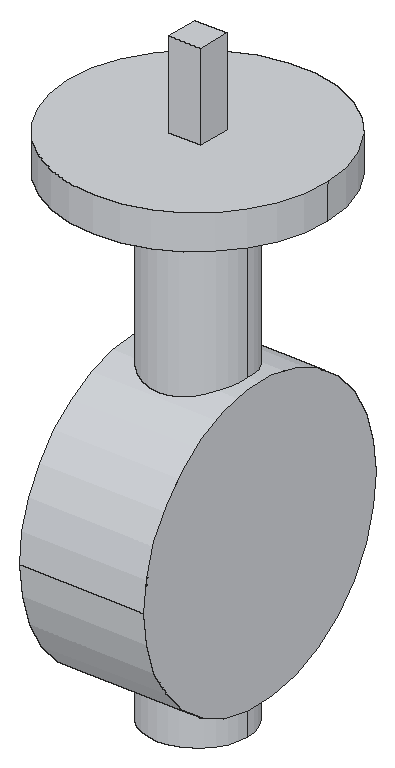
Revit family "HS497-67_disk-litina-volné vřeteno DN050-RFA_2019", category Pipe Accessories, Revit 2019
Family settings
  Round Connector Dimension = Use Diameter
  Part Type = Valve - Breaks Into
  Work Plane-Based = No
  Always vertical = Yes
  Cut with Voids When Loaded = No
  Shared = No
Parameters (values of type "HS 497-67_DN050_volné vřeteno")
  magiProductId = "d71f296ecd6d4adf8f6e5d9853b4e0"
  magiProductFamilyId = "53cea81e6f374d17b8841d9c72ad77"
  magiPartTypeId = 305
  isMeasuringValve [instance] = no
  ang2D [instance] = 0.00°
  X11 = 61.456 mm
  X1 = 25.456 mm
  W2D = 1000 mm
  VersionID = "2.0/2017.9.26.1/ZETKAMA_497_001"
  Use Minimum Symbol Size [instance] = yes
  URL = "http://www.hydronic.cz"
  Type Comments = "mezipřírubová; litinový disk; PN16; -10~+110°C (krátkodobě +120°C)"
  SW30 = no
  SW3 = no
  SW21 = no
  SW20 = no
  SW2 = no
  SW1 = yes
  R = 25 mm
  QmdConnectorList = "301;D;302;D"
  Productdata [instance] = ""
  NC = 50 mm
  Model = ""
  Manufacturer = "Hydronic Systems Prague s.r.o."
  MM20 = 25.456 mm
  MC Product Code = "123 050 (litinový disk, s volným vřetenem; DN50; PN16, kvs98)"
  M41 = 66 mm
  M4 = 44 mm
  LHL = 220 mm
  LHH3 = 2.45 mm
  LHH1 = 46.55 mm
  LH1 = 73.333 mm
  L4R__ve = -L4R  # -12.8 mm
  L4R = 12.8 mm
  L42__ve = -L42  # -96 mm
  L42 = 96 mm
  L41__ve = -L41  # -19.2 mm
  L41 = 19.2 mm
  L2D_Min = 3048 mm
  L2D = 216 mm
  L2 = 21.5 mm
  L1 = 34.4 mm
  L = 43 mm
  H = 30 mm
  G22 = 11.25 mm
  G2 = 22.5 mm
  G1 = 90 mm
  G = 90 mm
  F = 11 mm
  E44 = 31.25 mm
  E42 = 62.5 mm
  E4 = 125 mm
  E23 = 4.9 mm
  E22 = 19.6 mm
  E21 = 9.8 mm
  Description = "Mezipřírubová uzavírací klapka s volným vřetenem; litinový disk, DN50; PN16; kvs98"
  DR2 = 25 mm
  DR = 100 mm
  DD1 = 15.625 mm
  DD = 12.5 mm
  D = 50 mm
  CAT0 = yes
  B2__ve = -B2  # -36.5 mm
  B2 = 36.5 mm
  A2 = 12 mm
  A1 = 83 mm
Types (43, lengths in mm): name | magiProductId | X11 | X1 | Type Comments | SW30 | SW3 | SW20 | SW2 | SW1 | R | NC | MM20 | MC Product Code | M41 | M4 | LHL | LHH3 | LHH1 | LH1 | L4R__ve | L4R | L42__ve | L42 | L41__ve | L41 | L2 | L1 | L | H | G | F | E44 | E42 | E4 | E23 | E22 | E21 | Description | DR2 | DR | DD1 | DD | D | B2__ve | B2 | A2 | A1
  HS 497-67_DN100_PN16_volné vřeteno | "65d1b245f4f142c78569c0602d5754" | 61.456 | 25.456 | "mezipřírubová; litinový disk; PN16; -10~+110°C (krátkodobě +120°C)" | no | no | no | no | yes | 50 | 50 | 25.456 | "123 100 (litinový disk, s volným vřetenem; DN100; PN16, kvs512)" | 66 | 44 | 220 | 2.45 | 46.55 | 73.333 | -12.8 | 12.8 | -96 | 96 | -19.2 | 19.2 | 26 | 41.6 | 52 | 30 | 90 | 11 | 31.25 | 62.5 | 125 | 4.9 | 19.6 | 9.8 | "Mezipřírubová uzavírací klapka s volným vřetenem; litinový disk, DN100; PN16; kvs512" | 50 | 147 | 15.625 | 12.5 | 100 | -56 | 56 | 16.5 | 98.5
  HS 497-67_DN100_PN16_převodové kolo | "11e91b807e674d428c8e796fcdcfe2" | 61.456 | 25.456 | "mezipřírubová; litinový disk; PN16; -10~+110°C (krátkodobě +120°C)" | yes | yes | no | no | no | 50 | 50 | 25.456 | "125 100 (litinový disk, s převodovým kolem; DN100; PN16, kvs512)" | 65.25 | 43.5 | 220 | 2.45 | 46.55 | 73.333 | -12.8 | 12.8 | -96 | 96 | -19.2 | 19.2 | 26 | 41.6 | 52 | 30 | 90 | 11 | 31.25 | 62.5 | 125 | 4.9 | 19.6 | 9.8 | "Mezipřírubová uzavírací klapka s převodovým kolem; litinový disk, DN100; PN16; kvs512" | 50 | 147 | 15.625 | 12.5 | 100 | -56 | 56 | 16.5 | 98.5
  HS 497-67_DN100_PN16_s pákou | "28172f0b3f4b47b28323ac71cf8749" | 61.456 | 25.456 | "mezipřírubová; litinový disk; PN16; -10~+110°C (krátkodobě +120°C)" | no | no | yes | yes | no | 50 | 50 | 25.456 | "120 100 (litinový disk, s pákou; DN100; PN16, kvs512)" | 66 | 44 | 260 | 3 | 57 | 86.667 | -12.8 | 12.8 | -96 | 96 | -19.2 | 19.2 | 26 | 41.6 | 52 | 30 | 90 | 11 | 31.25 | 62.5 | 125 | 6 | 24 | 12 | "Mezipřírubová uzavírací klapka s pákou; litinový disk, DN100; PN16; kvs512" | 50 | 147 | 15.625 | 12.5 | 100 | -56 | 56 | 16.5 | 98.5
  HS 497-67_DN125_PN16_volné vřeteno | "0d813d910fc14f628bb3c2efbd185c" | 61.456 | 25.456 | "mezipřírubová; litinový disk; PN16; -10~+110°C (krátkodobě +120°C)" | no | no | no | no | yes | 62.5 | 50 | 25.456 | "123 125 (litinový disk, s volným vřetenem; DN125; PN16, kvs872)" | 66 | 44 | 220 | 2.45 | 46.55 | 73.333 | -12.8 | 12.8 | -96 | 96 | -19.2 | 19.2 | 28 | 44.8 | 56 | 33 | 90 | 14 | 31.25 | 62.5 | 125 | 4.9 | 19.6 | 9.8 | "Mezipřírubová uzavírací klapka s volným vřetenem; litinový disk, DN125; PN16; kvs872" | 62.5 | 180 | 15.625 | 12.5 | 125 | -64 | 64 | 18 | 99.5
  HS 497-67_DN125_PN16_převodové kolo | "c56b7c13f372467684996fb1e0e229" | 61.456 | 25.456 | "mezipřírubová; litinový disk; PN16; -10~+110°C (krátkodobě +120°C)" | yes | yes | no | no | no | 62.5 | 50 | 25.456 | "125 125 (litinový disk, s převodovým kolem; DN125; PN16, kvs872)" | 65.25 | 43.5 | 220 | 2.45 | 46.55 | 73.333 | -13.5 | 13.5 | -101.25 | 101.25 | -20.25 | 20.25 | 28 | 44.8 | 56 | 33 | 90 | 14 | 40 | 80 | 160 | 4.9 | 19.6 | 9.8 | "Mezipřírubová uzavírací klapka s převodovým kolem; litinový disk, DN125; PN16; kvs872" | 62.5 | 180 | 20 | 16 | 125 | -64 | 64 | 18 | 99.5
  HS 497-67_DN125_PN16_s pákou | "105993c79a91492399feef7931321a" | 61.456 | 25.456 | "mezipřírubová; litinový disk; PN16; -10~+110°C (krátkodobě +120°C)" | no | no | yes | yes | no | 62.5 | 50 | 25.456 | "120 125 (litinový disk, s pákou; DN125; PN16, kvs872)" | 66 | 44 | 315 | 3.75 | 71.25 | 105 | -12.8 | 12.8 | -96 | 96 | -19.2 | 19.2 | 28 | 44.8 | 56 | 33 | 90 | 14 | 31.25 | 62.5 | 125 | 7.5 | 30 | 15 | "Mezipřírubová uzavírací klapka s pákou; litinový disk, DN125; PN16; kvs872" | 62.5 | 180 | 15.625 | 12.5 | 125 | -64 | 64 | 18 | 99.5
  HS 497-67_DN150_PN16_volné vřeteno | "50c80cb8ab434f55ab7796e5ac1331" | 61.456 | 25.456 | "mezipřírubová; litinový disk; PN16; -10~+110°C (krátkodobě +120°C)" | no | no | no | no | yes | 75 | 50 | 25.456 | "123 150 (litinový disk, s volným vřetenem; DN150; PN16, kvs1347)" | 66 | 44 | 220 | 2.45 | 46.55 | 73.333 | -12.8 | 12.8 | -96 | 96 | -19.2 | 19.2 | 28 | 44.8 | 56 | 33 | 90 | 14 | 31.25 | 62.5 | 125 | 4.9 | 19.6 | 9.8 | "Mezipřírubová uzavírací klapka s volným vřetenem; litinový disk, DN150; PN16; kvs1347" | 75 | 206 | 15.625 | 12.5 | 150 | -58 | 58 | 19.3 | 98.7
  HS 497-67_DN150_PN16_převodové kolo | "d94a1a0cf83b476eb10011b327f709" | 61.456 | 25.456 | "mezipřírubová; litinový disk; PN16; -10~+110°C (krátkodobě +120°C)" | yes | yes | no | no | no | 75 | 50 | 25.456 | "125 150 (litinový disk, s převodovým kolem; DN150; PN16, kvs1347)" | 65.25 | 43.5 | 220 | 2.45 | 46.55 | 73.333 | -13.5 | 13.5 | -101.25 | 101.25 | -20.25 | 20.25 | 28 | 44.8 | 56 | 33 | 90 | 14 | 40 | 80 | 160 | 4.9 | 19.6 | 9.8 | "Mezipřírubová uzavírací klapka s převodovým kolem; litinový disk, DN150; PN16; kvs1347" | 75 | 206 | 20 | 16 | 150 | -58 | 58 | 19.3 | 98.7
  HS 497-67_DN150_PN16_s pákou | "4d2835523fe84828bc50ff0a5a0dfb" | 61.456 | 25.456 | "mezipřírubová; litinový disk; PN16; -10~+110°C (krátkodobě +120°C)" | no | no | yes | yes | no | 75 | 50 | 25.456 | "120 150 (litinový disk, s pákou; DN150; PN16, kvs1347)" | 66 | 44 | 315 | 3.75 | 71.25 | 105 | -12.8 | 12.8 | -96 | 96 | -19.2 | 19.2 | 28 | 44.8 | 56 | 33 | 90 | 14 | 31.25 | 62.5 | 125 | 7.5 | 30 | 15 | "Mezipřírubová uzavírací klapka s pákou; litinový disk, DN150; PN16; kvs1347" | 75 | 206 | 15.625 | 12.5 | 150 | -58 | 58 | 19.3 | 98.7
  HS 497-67_DN200_PN16_volné vřeteno | "5b29029eaeba47139ee1055a4b9201" | 61.456 | 25.456 | "mezipřírubová; litinový disk; PN16; -10~+110°C (krátkodobě +120°C)" | no | no | no | no | yes | 100 | 50 | 25.456 | "123 200 (litinový disk, s volným vřetenem; DN200; PN16, kvs2675)" | 66 | 44 | 220 | 2.45 | 46.55 | 73.333 | -12.8 | 12.8 | -96 | 96 | -19.2 | 19.2 | 30 | 48 | 60 | 33 | 90 | 17 | 31.25 | 62.5 | 125 | 4.9 | 19.6 | 9.8 | "Mezipřírubová uzavírací klapka s volným vřetenem; litinový disk, DN200; PN16; kvs2675" | 100 | 257 | 15.625 | 12.5 | 200 | -70 | 70 | 22.5 | 102.5
  HS 497-67_DN200_PN16_převodové kolo | "b2793cc1fcc44cf2a35062cd67c04f" | 61.456 | 25.456 | "mezipřírubová; litinový disk; PN16; -10~+110°C (krátkodobě +120°C)" | yes | yes | no | no | no | 100 | 57 | 25.456 | "125 200 (litinový disk, s převodovým kolem; DN200; PN16, kvs2675)" | 78.75 | 52.5 | 220 | 2.45 | 46.55 | 73.333 | -15.2 | 15.2 | -114 | 114 | -22.8 | 22.8 | 30 | 48 | 60 | 33 | 90 | 17 | 50 | 100 | 200 | 4.9 | 19.6 | 9.8 | "Mezipřírubová uzavírací klapka s převodovým kolem; litinový disk, DN200; PN16; kvs2675" | 100 | 257 | 25 | 20 | 200 | -70 | 70 | 22.5 | 102.5
  HS 497-67_DN200_PN16_s pákou | "f88d96c7af224537a51e72d7d8fffe" | 61.456 | 25.456 | "mezipřírubová; litinový disk; PN16; -10~+110°C (krátkodobě +120°C)" | no | no | yes | yes | no | 100 | 50 | 25.456 | "120 200 (litinový disk, s pákou; DN200; PN16, kvs2675)" | 66 | 44 | 315 | 3.75 | 71.25 | 105 | -12.8 | 12.8 | -96 | 96 | -19.2 | 19.2 | 30 | 48 | 60 | 33 | 90 | 17 | 31.25 | 62.5 | 125 | 7.5 | 30 | 15 | "Mezipřírubová uzavírací klapka s pákou; litinový disk, DN200; PN16; kvs2675" | 100 | 257 | 15.625 | 12.5 | 200 | -70 | 70 | 22.5 | 102.5
  HS 497-67_DN250_PN16_volné vřeteno | "b662e8305ca2402b9c510e66e6aa55" | 88.77 | 36.77 | "mezipřírubová; litinový disk; PN16; -10~+110°C (krátkodobě +120°C)" | no | no | no | no | yes | 125 | 50 | 36.77 | "123 250 (litinový disk, s volným vřetenem; DN250; PN16, kvs4555)" | 66 | 44 | 220 | 2.45 | 46.55 | 73.333 | -12.8 | 12.8 | -96 | 96 | -19.2 | 19.2 | 34 | 54.4 | 68 | 23 | 130 | 22 | 31.25 | 62.5 | 125 | 4.9 | 19.6 | 9.8 | "Mezipřírubová uzavírací klapka s volným vřetenem; litinový disk, DN250; PN16; kvs4555" | 125 | 324 | 15.625 | 12.5 | 250 | -85 | 85 | 28.25 | 129.25
  HS 497-67_DN250_PN16_převodové kolo | "5ee9016806664ddfaa2632711f295c" | 88.77 | 36.77 | "mezipřírubová; litinový disk; PN16; -10~+110°C (krátkodobě +120°C)" | yes | yes | no | no | no | 125 | 70 | 36.77 | "125 250 (litinový disk, s převodovým kolem; DN250; PN16, kvs4555)" | 91.5 | 61 | 220 | 2.45 | 46.55 | 73.333 | -22.2 | 22.2 | -166.5 | 166.5 | -33.3 | 33.3 | 34 | 54.4 | 68 | 23 | 130 | 22 | 62.5 | 125 | 250 | 4.9 | 19.6 | 9.8 | "Mezipřírubová uzavírací klapka s převodovým kolem; litinový disk, DN250; PN16; kvs4555" | 125 | 324 | 31.25 | 25 | 250 | -85 | 85 | 28.25 | 129.25
  HS 497-67_DN300_PN16_volné vřeteno | "e1886f51ff004380a649519258edf2" | 88.77 | 36.77 | "mezipřírubová; litinový disk; PN16; -10~+110°C (krátkodobě +120°C)" | no | no | no | no | yes | 150 | 50 | 36.77 | "123 300 (litinový disk, s volným vřetenem; DN300; PN16, kvs7037)" | 66 | 44 | 220 | 2.45 | 46.55 | 73.333 | -12.8 | 12.8 | -96 | 96 | -19.2 | 19.2 | 39 | 62.4 | 78 | 23 | 130 | 22 | 31.25 | 62.5 | 125 | 4.9 | 19.6 | 9.8 | "Mezipřírubová uzavírací klapka s volným vřetenem; litinový disk, DN300; PN16; kvs7037" | 150 | 376 | 15.625 | 12.5 | 300 | -90 | 90 | 30.8 | 127.2
  HS 497-67_DN300_PN16_převodové kolo | "6860f094f77d42088fbebc3c97f755" | 88.77 | 36.77 | "mezipřírubová; litinový disk; PN16; -10~+110°C (krátkodobě +120°C)" | yes | yes | no | no | no | 150 | 70 | 36.77 | "125 300 (litinový disk, s převodovým kolem; DN300; PN16, kvs7037)" | 91.5 | 61 | 220 | 2.45 | 46.55 | 73.333 | -22.2 | 22.2 | -166.5 | 166.5 | -33.3 | 33.3 | 39 | 62.4 | 78 | 23 | 130 | 22 | 62.5 | 125 | 250 | 4.9 | 19.6 | 9.8 | "Mezipřírubová uzavírací klapka s převodovým kolem; litinový disk, DN300; PN16; kvs7037" | 150 | 376 | 31.25 | 25 | 300 | -90 | 90 | 30.8 | 127.2
  HS 497-67_DN032_PN16_volné vřeteno | "8c5f65de52aa4067a77564107e31b2" | 61.456 | 25.456 | "mezipřírubová; litinový disk; PN16; -10~+110°C (krátkodobě +120°C)" | no | no | no | no | yes | 16 | 50 | 25.456 | "123 032 (litinový disk, s volným vřetenem; DN32; PN16, kvs78)" | 66 | 44 | 220 | 2.45 | 46.55 | 73.333 | -12.8 | 12.8 | -96 | 96 | -19.2 | 19.2 | 16.5 | 26.4 | 33 | 30 | 90 | 11 | 31.25 | 62.5 | 125 | 4.9 | 19.6 | 9.8 | "Mezipřírubová uzavírací klapka s volným vřetenem; litinový disk, DN32; PN16; kvs78" | 16 | 68 | 15.625 | 12.5 | 32 | -44.2 | 44.2 | 10.25 | 76.25
  HS 497-67_DN032_PN16_převodové kolo | "60aaeffa8b3a4e809ef000e4660060" | 61.456 | 25.456 | "mezipřírubová; litinový disk; PN16; -10~+110°C (krátkodobě +120°C)" | yes | yes | no | no | no | 16 | 50 | 25.456 | "125 032 (litinový disk, s převodovým kolem; DN32; PN16, kvs78)" | 65.25 | 43.5 | 220 | 2.45 | 46.55 | 73.333 | -12.8 | 12.8 | -96 | 96 | -19.2 | 19.2 | 16.5 | 26.4 | 33 | 30 | 90 | 11 | 31.25 | 62.5 | 125 | 4.9 | 19.6 | 9.8 | "Mezipřírubová uzavírací klapka s převodovým kolem; litinový disk, DN32; PN16; kvs78" | 16 | 68 | 15.625 | 12.5 | 32 | -44.2 | 44.2 | 10.25 | 76.25
  HS 497-67_DN032_PN16_s pákou | "9ad8088d610749a1b871aa2aad8007" | 61.456 | 25.456 | "mezipřírubová; litinový disk; PN16; -10~+110°C (krátkodobě +120°C)" | no | no | yes | yes | no | 16 | 50 | 25.456 | "120 032 (litinový disk, s pákou; DN32; PN16, kvs78)" | 66 | 44 | 220 | 2.45 | 46.55 | 73.333 | -12.8 | 12.8 | -96 | 96 | -19.2 | 19.2 | 16.5 | 26.4 | 33 | 30 | 90 | 11 | 31.25 | 62.5 | 125 | 4.9 | 19.6 | 9.8 | "Mezipřírubová uzavírací klapka s pákou; litinový disk, DN32; PN16; kvs78" | 16 | 68 | 15.625 | 12.5 | 32 | -44.2 | 44.2 | 10.25 | 76.25
  HS 497-67_DN350_PN10_volné vřeteno | "72a1e05f22944421b7e9596a877137" | 109.255 | 45.255 | "mezipřírubová; litinový disk; PN10; -10~+110°C (krátkodobě +120°C)" | no | no | no | no | yes | 175 | 50 | 45.255 | "123 350 (litinový disk, s volným vřetenem; DN350; PN10, kvs10165)" | 66 | 44 | 220 | 2.45 | 46.55 | 73.333 | -12.8 | 12.8 | -96 | 96 | -19.2 | 19.2 | 39 | 62.4 | 78 | 31 | 160 | 22 | 31.25 | 62.5 | 125 | 4.9 | 19.6 | 9.8 | "Mezipřírubová uzavírací klapka s volným vřetenem; litinový disk, DN350; PN10; kvs10165" | 175 | 430 | 15.625 | 12.5 | 350 | -88 | 88 | 33.85 | 129.65
  HS 497-67_DN350_PN10_převodové kolo | "a5a01426cb28494ba3afca92f1dace" | 109.255 | 45.255 | "mezipřírubová; litinový disk; PN10; -10~+110°C (krátkodobě +120°C)" | yes | yes | no | no | no | 175 | 70 | 45.255 | "125 350 (litinový disk, s převodovým kolem; DN350; PN10, kvs10165)" | 91.5 | 61 | 220 | 2.45 | 46.55 | 73.333 | -22.2 | 22.2 | -166.5 | 166.5 | -33.3 | 33.3 | 39 | 62.4 | 78 | 31 | 160 | 22 | 62.5 | 125 | 250 | 4.9 | 19.6 | 9.8 | "Mezipřírubová uzavírací klapka s převodovým kolem; litinový disk, DN350; PN10; kvs10165" | 175 | 430 | 31.25 | 25 | 350 | -88 | 88 | 33.85 | 129.65
  HS 497-67_DN400_PN10_volné vřeteno | "c70ebeb927c04ab99b176e257ad0a7" | 109.255 | 45.255 | "mezipřírubová; litinový disk; PN10; -10~+110°C (krátkodobě +120°C)" | no | no | no | no | yes | 200 | 50 | 45.255 | "123 400 (litinový disk, s volným vřetenem; DN400; PN10, kvs13799)" | 66 | 44 | 220 | 2.45 | 46.55 | 73.333 | -12.8 | 12.8 | -96 | 96 | -19.2 | 19.2 | 51 | 81.6 | 102 | 31 | 160 | 27 | 31.25 | 62.5 | 125 | 4.9 | 19.6 | 9.8 | "Mezipřírubová uzavírací klapka s volným vřetenem; litinový disk, DN400; PN10; kvs13799" | 200 | 485 | 15.625 | 12.5 | 400 | -108 | 108 | 38 | 142
  HS 497-67_DN400_PN10_převodové kolo | "cc64a4384dcb41b780d81810f4f293" | 109.255 | 45.255 | "mezipřírubová; litinový disk; PN10; -10~+110°C (krátkodobě +120°C)" | yes | yes | no | no | no | 200 | 72.5 | 45.255 | "125 400 (litinový disk, s převodovým kolem; DN400; PN10, kvs13799)" | 103.5 | 69 | 220 | 2.45 | 46.55 | 73.333 | -27.8 | 27.8 | -208.5 | 208.5 | -41.7 | 41.7 | 51 | 81.6 | 102 | 31 | 160 | 27 | 75 | 150 | 300 | 4.9 | 19.6 | 9.8 | "Mezipřírubová uzavírací klapka s převodovým kolem; litinový disk, DN400; PN10; kvs13799" | 200 | 485 | 37.5 | 30 | 400 | -108 | 108 | 38 | 142
  HS 497-67_DN040_PN16_volné vřeteno | "35f92312390745e88df5b5c325d9ee" | 61.456 | 25.456 | "mezipřírubová; litinový disk; PN16; -10~+110°C (krátkodobě +120°C)" | no | no | no | no | yes | 20 | 50 | 25.456 | "123 040 (litinový disk, s volným vřetenem; DN40; PN16, kvs78)" | 66 | 44 | 220 | 2.45 | 46.55 | 73.333 | -12.8 | 12.8 | -96 | 96 | -19.2 | 19.2 | 16.5 | 26.4 | 33 | 30 | 90 | 11 | 31.25 | 62.5 | 125 | 4.9 | 19.6 | 9.8 | "Mezipřírubová uzavírací klapka s volným vřetenem; litinový disk, DN40; PN16; kvs78" | 20 | 76 | 15.625 | 12.5 | 40 | -36 | 36 | 11 | 79
  HS 497-67_DN040_PN16_převodové kolo | "d88e968eae3445bc9b7b4e6ff35127" | 61.456 | 25.456 | "mezipřírubová; litinový disk; PN16; -10~+110°C (krátkodobě +120°C)" | yes | yes | no | no | no | 20 | 50 | 25.456 | "125 040 (litinový disk, s převodovým kolem; DN40; PN16, kvs78)" | 65.25 | 43.5 | 220 | 2.45 | 46.55 | 73.333 | -12.8 | 12.8 | -96 | 96 | -19.2 | 19.2 | 16.5 | 26.4 | 33 | 30 | 90 | 11 | 31.25 | 62.5 | 125 | 4.9 | 19.6 | 9.8 | "Mezipřírubová uzavírací klapka s převodovým kolem; litinový disk, DN40; PN16; kvs78" | 20 | 76 | 15.625 | 12.5 | 40 | -36 | 36 | 11 | 79
  HS 497-67_DN040_PN16_s pákou | "c1b522ca65b4407a98818f232eaacb" | 61.456 | 25.456 | "mezipřírubová; litinový disk; PN16; -10~+110°C (krátkodobě +120°C)" | no | no | yes | yes | no | 20 | 50 | 25.456 | "120 040 (litinový disk, s pákou; DN40; PN16, kvs78)" | 66 | 44 | 220 | 2.45 | 46.55 | 73.333 | -12.8 | 12.8 | -96 | 96 | -19.2 | 19.2 | 16.5 | 26.4 | 33 | 30 | 90 | 11 | 31.25 | 62.5 | 125 | 4.9 | 19.6 | 9.8 | "Mezipřírubová uzavírací klapka s pákou; litinový disk, DN40; PN16; kvs78" | 20 | 76 | 15.625 | 12.5 | 40 | -36 | 36 | 11 | 79
  HS 497-67_DN450_PN10_volné vřeteno | "a8358bc282f14872b3194e530e590a" | 129.74 | 53.74 | "mezipřírubová; litinový disk; PN10; -10~+110°C (krátkodobě +120°C)" | no | no | no | no | yes | 225 | 50 | 53.74 | "123 450 (litinový disk, s volným vřetenem; DN450; PN10, kvs18514)" | 66 | 44 | 220 | 2.45 | 46.55 | 73.333 | -12.8 | 12.8 | -96 | 96 | -19.2 | 19.2 | 57 | 91.2 | 114 | 38 | 190 | 36 | 31.25 | 62.5 | 125 | 4.9 | 19.6 | 9.8 | "Mezipřírubová uzavírací klapka s volným vřetenem; litinový disk, DN450; PN10; kvs18514" | 225 | 536 | 15.625 | 12.5 | 450 | -115 | 115 | 38.05 | 117.45
  HS 497-67_DN450_PN10_převodové kolo | "cdf2d80f54a9414f9cbe50647c0ebd" | 129.74 | 53.74 | "mezipřírubová; litinový disk; PN10; -10~+110°C (krátkodobě +120°C)" | yes | yes | no | no | no | 225 | 91.5 | 53.74 | "125 450 (litinový disk, s převodovým kolem; DN450; PN10, kvs18514)" | 144.75 | 96.5 | 220 | 2.45 | 46.55 | 73.333 | -32.1 | 32.1 | -240.75 | 240.75 | -48.15 | 48.15 | 57 | 91.2 | 114 | 38 | 190 | 36 | 100 | 200 | 400 | 4.9 | 19.6 | 9.8 | "Mezipřírubová uzavírací klapka s převodovým kolem; litinový disk, DN450; PN10; kvs18514" | 225 | 536 | 50 | 40 | 450 | -115 | 115 | 38.05 | 117.45
  HS 497-67_DN500_PN10_volné vřeteno | "8c396e27bb2743f98f3c762b6517cd" | 143.397 | 59.397 | "mezipřírubová; litinový disk; PN10; -10~+110°C (krátkodobě +120°C)" | no | no | no | no | yes | 250 | 50 | 59.397 | "123 500 (litinový disk, s volným vřetenem; DN500; PN10, kvs23805)" | 66 | 44 | 220 | 2.45 | 46.55 | 73.333 | -12.8 | 12.8 | -96 | 96 | -19.2 | 19.2 | 63.5 | 101.6 | 127 | 38 | 210 | 36 | 31.25 | 62.5 | 125 | 4.9 | 19.6 | 9.8 | "Mezipřírubová uzavírací klapka s volným vřetenem; litinový disk, DN500; PN10; kvs23805" | 250 | 593 | 15.625 | 12.5 | 500 | -130 | 130 | 43.25 | 139.25
  HS 497-67_DN500_PN10_převodové kolo | "7647804f32e94cef828a7034a91a46" | 143.397 | 59.397 | "mezipřírubová; litinový disk; PN10; -10~+110°C (krátkodobě +120°C)" | yes | yes | no | no | no | 250 | 91.5 | 59.397 | "125 500 (litinový disk, s převodovým kolem; DN500; PN10, kvs23805)" | 144.75 | 96.5 | 220 | 2.45 | 46.55 | 73.333 | -32.1 | 32.1 | -240.75 | 240.75 | -48.15 | 48.15 | 63.5 | 101.6 | 127 | 38 | 210 | 36 | 100 | 200 | 400 | 4.9 | 19.6 | 9.8 | "Mezipřírubová uzavírací klapka s převodovým kolem; litinový disk, DN500; PN10; kvs23805" | 250 | 593 | 50 | 40 | 500 | -130 | 130 | 43.25 | 139.25
  HS 497-67_DN050_volné vřeteno | "d71f296ecd6d4adf8f6e5d9853b4e0" | 61.456 | 25.456 | "mezipřírubová; litinový disk; PN16; -10~+110°C (krátkodobě +120°C)" | no | no | no | no | yes | 25 | 50 | 25.456 | "123 050 (litinový disk, s volným vřetenem; DN50; PN16, kvs98)" | 66 | 44 | 220 | 2.45 | 46.55 | 73.333 | -12.8 | 12.8 | -96 | 96 | -19.2 | 19.2 | 21.5 | 34.4 | 43 | 30 | 90 | 11 | 31.25 | 62.5 | 125 | 4.9 | 19.6 | 9.8 | "Mezipřírubová uzavírací klapka s volným vřetenem; litinový disk, DN50; PN16; kvs98" | 25 | 100 | 15.625 | 12.5 | 50 | -36.5 | 36.5 | 12 | 83
  HS 497-67_DN050_PN16_převodové kolo | "2fb080deeaed49c58418b94c1da5a4" | 61.456 | 25.456 | "mezipřírubová; litinový disk; PN16; -10~+110°C (krátkodobě +120°C)" | yes | yes | no | no | no | 25 | 50 | 25.456 | "125 050 (litinový disk, s převodovým kolem; DN50; PN16, kvs98)" | 65.25 | 43.5 | 220 | 2.45 | 46.55 | 73.333 | -12.8 | 12.8 | -96 | 96 | -19.2 | 19.2 | 21.5 | 34.4 | 43 | 30 | 90 | 11 | 31.25 | 62.5 | 125 | 4.9 | 19.6 | 9.8 | "Mezipřírubová uzavírací klapka s převodovým kolem; litinový disk, DN50; PN16; kvs98" | 25 | 100 | 15.625 | 12.5 | 50 | -36.5 | 36.5 | 12 | 83
  HS 497-67_DN050_PN16_s pákou | "dabc632061f94877a994b9b4e68112" | 61.456 | 25.456 | "mezipřírubová; litinový disk; PN16; -10~+110°C (krátkodobě +120°C)" | no | no | yes | yes | no | 25 | 50 | 25.456 | "120 050 (litinový disk, s pákou; DN50; PN16, kvs98)" | 66 | 44 | 220 | 2.45 | 46.55 | 73.333 | -12.8 | 12.8 | -96 | 96 | -19.2 | 19.2 | 21.5 | 34.4 | 43 | 30 | 90 | 11 | 31.25 | 62.5 | 125 | 4.9 | 19.6 | 9.8 | "Mezipřírubová uzavírací klapka s pákou; litinový disk, DN50; PN16; kvs98" | 25 | 100 | 15.625 | 12.5 | 50 | -36.5 | 36.5 | 12 | 83
  HS 497-67_DN600_PN10_volné vřeteno | "99d5892c14664fce81a7c5903f7711" | 143.397 | 59.397 | "mezipřírubová; litinový disk; PN10; -10~+110°C (krátkodobě +120°C)" | no | no | no | no | yes | 300 | 50 | 59.397 | "123 600 (litinový disk, s volným vřetenem; DN600; PN10, kvs36778)" | 66 | 44 | 220 | 2.45 | 46.55 | 73.333 | -12.8 | 12.8 | -96 | 96 | -19.2 | 19.2 | 77 | 123.2 | 154 | 80 | 210 | 60 | 31.25 | 62.5 | 125 | 4.9 | 19.6 | 9.8 | "Mezipřírubová uzavírací klapka s volným vřetenem; litinový disk, DN600; PN10; kvs36788" | 300 | 690 | 15.625 | 12.5 | 600 | -140 | 140 | 49.4 | 144.6
  HS 497-67_DN600_PN10_převodové kolo | "b1e26faab48a4c499f6bb11e7e3002" | 143.397 | 59.397 | "mezipřírubová; litinový disk; PN10; -10~+110°C (krátkodobě +120°C)" | yes | yes | no | no | no | 300 | 140 | 59.397 | "125 600 (litinový disk, s převodovým kolem; DN600; PN10, kvs36778)" | 206.25 | 137.5 | 220 | 2.45 | 46.55 | 73.333 | -40.8 | 40.8 | -306 | 306 | -61.2 | 61.2 | 77 | 123.2 | 154 | 80 | 210 | 60 | 125 | 250 | 500 | 4.9 | 19.6 | 9.8 | "Mezipřírubová uzavírací klapka s převodovým kolem; litinový disk, DN600; PN10; kvs36788" | 300 | 690 | 62.5 | 50 | 600 | -140 | 140 | 49.4 | 144.6
  HS 497-67_DN065_PN16_volné vřeteno | "5e5e208646e34ec29f889baab5d08e" | 61.456 | 25.456 | "mezipřírubová; litinový disk; PN16; -10~+110°C (krátkodobě +120°C)" | no | no | no | no | yes | 32.5 | 50 | 25.456 | "123 065 (litinový disk, s volným vřetenem; DN65; PN16, kvs167)" | 66 | 44 | 220 | 2.45 | 46.55 | 73.333 | -12.8 | 12.8 | -96 | 96 | -19.2 | 19.2 | 23 | 36.8 | 46 | 30 | 90 | 11 | 31.25 | 62.5 | 125 | 4.9 | 19.6 | 9.8 | "Mezipřírubová uzavírací klapka s volným vřetenem; litinový disk, DN65; PN16; kv167" | 32.5 | 108 | 15.625 | 12.5 | 65 | -36.5 | 36.5 | 13.5 | 89
  HS 497-67_DN065_PN16_převodové kolo | "654d74c8d15540b0bfe523d988ccb3" | 61.456 | 25.456 | "mezipřírubová; litinový disk; PN16; -10~+110°C (krátkodobě +120°C)" | yes | yes | no | no | no | 32.5 | 50 | 25.456 | "125 065 (litinový disk, s převodovým kolem; DN65; PN16, kvs167)" | 65.25 | 43.5 | 220 | 2.45 | 46.55 | 73.333 | -12.8 | 12.8 | -96 | 96 | -19.2 | 19.2 | 23 | 36.8 | 46 | 30 | 90 | 11 | 31.25 | 62.5 | 125 | 4.9 | 19.6 | 9.8 | "Mezipřírubová uzavírací klapka s převodovým kolem; litinový disk, DN65; PN16; kvs167" | 32.5 | 108 | 15.625 | 12.5 | 65 | -36.5 | 36.5 | 13.5 | 89
  HS 497-67_DN065_PN16_s pákou | "ebeb4b59db0641caaf6d6635ab37b9" | 61.456 | 25.456 | "mezipřírubová; litinový disk; PN16; -10~+110°C (krátkodobě +120°C)" | no | no | yes | yes | no | 32.5 | 50 | 25.456 | "120 065 (litinový disk, s pákou; DN65; PN16, kvs167)" | 66 | 44 | 220 | 2.45 | 46.55 | 73.333 | -12.8 | 12.8 | -96 | 96 | -19.2 | 19.2 | 23 | 36.8 | 46 | 30 | 90 | 11 | 31.25 | 62.5 | 125 | 4.9 | 19.6 | 9.8 | "Mezipřírubová uzavírací klapka s pákou; litinový disk, DN65; PN16; kvs167" | 32.5 | 108 | 15.625 | 12.5 | 65 | -36.5 | 36.5 | 13.5 | 89
  HS 497-67_DN080_PN16_volné vřeteno | "9e85c75c18654e1185a9c48ed6b00e" | 61.456 | 25.456 | "mezipřírubová; litinový disk; PN16; -10~+110°C (krátkodobě +120°C)" | no | no | no | no | yes | 40 | 50 | 25.456 | "123 080 (litinový disk, s volným vřetenem; DN80; PN16, kvs258)" | 66 | 44 | 220 | 2.45 | 46.55 | 73.333 | -12.8 | 12.8 | -96 | 96 | -19.2 | 19.2 | 23 | 36.8 | 46 | 30 | 90 | 11 | 31.25 | 62.5 | 125 | 4.9 | 19.6 | 9.8 | "Mezipřírubová uzavírací klapka s volným vřetenem; litinový disk, DN80; PN16; kvs258" | 40 | 124 | 15.625 | 12.5 | 80 | -54 | 54 | 14.1 | 86.9
  HS 497-67_DN080_PN16_převodové kolo | "5b3c8238c3d041e68c75b199e7ea46" | 61.456 | 25.456 | "mezipřírubová; litinový disk; PN16; -10~+110°C (krátkodobě +120°C)" | yes | yes | no | no | no | 40 | 50 | 25.456 | "125 080 (litinový disk, s převodovým kolem; DN80; PN16, kvs258)" | 65.25 | 43.5 | 220 | 2.45 | 46.55 | 73.333 | -12.8 | 12.8 | -96 | 96 | -19.2 | 19.2 | 23 | 36.8 | 46 | 30 | 90 | 11 | 31.25 | 62.5 | 125 | 4.9 | 19.6 | 9.8 | "Mezipřírubová uzavírací klapka s převodovým kolem; litinový disk, DN80; PN16; kvs258" | 40 | 124 | 15.625 | 12.5 | 80 | -54 | 54 | 14.1 | 86.9
  HS 497-67_DN080_PN16_s pákou | "e414795fab0f4eccb99bc3572c5477" | 61.456 | 25.456 | "mezipřírubová; litinový disk; PN16; -10~+110°C (krátkodobě +120°C)" | no | no | yes | yes | no | 40 | 50 | 25.456 | "120 080 (litinový disk, s pákou; DN80; PN16, kvs258)" | 66 | 44 | 260 | 3 | 57 | 86.667 | -12.8 | 12.8 | -96 | 96 | -19.2 | 19.2 | 23 | 36.8 | 46 | 30 | 90 | 11 | 31.25 | 62.5 | 125 | 6 | 24 | 12 | "Mezipřírubová uzavírací klapka s pákou; litinový disk, DN80; PN16; kvs258" | 40 | 124 | 15.625 | 12.5 | 80 | -54 | 54 | 14.1 | 86.9
  HS 497-67_DN250_PN16_s pákou | "" | 88.77 | 36.77 | "mezipřírubová; litinový disk; PN16; -10~+110°C (krátkodobě +120°C)" | no | no | yes | yes | no | 125 | 70 | 36.77 | "120 250 (litinový disk, s pákou; DN250; PN16, kvs4555)" | 91.5 | 61 | 220 | 2.45 | 46.55 | 73.333 | -22.2 | 22.2 | -166.5 | 166.5 | -33.3 | 33.3 | 34 | 54.4 | 68 | 23 | 130 | 22 | 62.5 | 125 | 250 | 4.9 | 19.6 | 9.8 | "Mezipřírubová uzavírací klapka s pákou; litinový disk, DN250; PN16; kvs4555" | 125 | 324 | 31.25 | 25 | 250 | -85 | 85 | 28.25 | 129.25
  HS 497-67_DN300_PN16_s pákou | "" | 88.77 | 36.77 | "mezipřírubová; litinový disk; PN16; -10~+110°C (krátkodobě +120°C)" | no | no | yes | yes | no | 150 | 70 | 36.77 | "120 300 (litinový disk, s pákou; DN300; PN16, kvs7037)" | 91.5 | 61 | 220 | 2.45 | 46.55 | 73.333 | -22.2 | 22.2 | -166.5 | 166.5 | -33.3 | 33.3 | 39 | 62.4 | 78 | 23 | 130 | 22 | 62.5 | 125 | 250 | 4.9 | 19.6 | 9.8 | "Mezipřírubová uzavírací klapka s pákou; litinový disk, DN300; PN16; kvs7037" | 150 | 376 | 31.25 | 25 | 300 | -90 | 90 | 30.8 | 127.2
Reference planes
  plane 1 "Center (Front/Back)": y = 0
  plane 2 "XYPLANE": z = 0
  plane 3 "Center (Left/Right)": x = 0
  plane 4 "473": x = -25.456
  plane 5 "472": x = -66
  plane 6 "471": y = -25.456
  plane 7 "470": y = 25.456
  plane 8 "469": x = -44
  plane 9 "468": y = -115.2
  plane 10 "467": y = -96
  plane 11 "466": z = 151.25
  plane 12 "465": z = 166.55
  plane 13 "464": y = 145.417
  plane 14 "463": z = 156.75
  plane 15 "462": z = 139.6
  plane 16 "461": z = 149.4
  plane 17 "460": y = 72.083
  plane 18 "459": x = -11.25
  plane 19 "458": x = 11.25
  plane 20 "457": y = -6.25
  plane 21 "456": x = -17.5
  plane 22 "455": x = 17.5
  plane 23 "454": z = 154.3
  plane 24 "453": y = 62.083
  plane 25 "452": y = -11.25
  plane 26 "451": x = -22.5
  plane 27 "450": x = 22.5
  plane 28 "449": z = 134.7
  plane 29 "448": z = 129.8
  plane 30 "447": z = -25
  plane 31 "446": z = 120
  plane 32 "445": z = 108
  plane 33 "444": z = 25
  plane 34 "443": x = 21.5
  plane 35 "442": x = -21.5
  plane 36 "441": z = 0
  plane 37 "440": y = 0
  plane 38 "439": x = 0
  plane 39 "438": z = 169
  plane 40 "437": z = 154.3
  plane 41 "436": x = 13.7
  plane 42 "435": x = -13.7
  plane 43 "434": y = 220
Forms (mm)
  Extrusion 1, solid, visible <- "SW3"
    sketch origin (-750, 0, 120) x (1, 0, 0) y (0, 1, 0)
      loop
        line (684, 25.456) -> (684, -25.456) -> (724.544, -25.456)
        arc (724.544, -25.456) -> (786, 0) -> (724.544, 25.456) r 36
        line (724.544, 25.456) -> (684, 25.456)
    from 0 to 62.5 <- "E42"
  Extrusion 2, solid, visible <- "SW30"
    sketch origin (0, -750, 0) x (0, 1, 0) y (0, 0, 1)
      loop
        circle (750, 151.25) r 7.813
    from 0 to 50 <- "NC"
  Extrusion 3, solid, visible <- "SW30"
    sketch origin (750, -115.2, 0) x (-1, 0, 0) y (0, 0, 1)
      loop
        circle (794, 151.25) r 62.5
    from 0 to -12.8 <- "L4R__ve"
  Extrusion 4, solid, visible <- "SW3"
    sketch origin (750, -96, 0) x (-1, 0, 0) y (0, 0, 1)
      loop
        circle (794, 151.25) r 7.813
    from 0 to -19.2 <- "L41__ve"
  Extrusion 5, solid, visible <- "SW30"
    sketch origin (750, 0, 0) x (-1, 0, 0) y (0, 0, 1)
      loop
        circle (794, 151.25) r 6.25
    from 0 to -96 <- "L42__ve"
  Blend 6, solid, visible <- "SW21"
    base sketch origin (750, 72.083, 0) x (-1, 0, 0) y (0, 0, 1)
      loop
        line (761.25, 149.4) -> (738.75, 149.4) -> (738.75, 139.6) -> (761.25, 139.6) -> (761.25, 149.4)
    top sketch origin (750, 72.083, 0) x (-1, 0, 0) y (0, 0, 1)
      loop
        line (761.25, 166.55) -> (738.75, 166.55) -> (738.75, 156.75) -> (761.25, 156.75) -> (761.25, 166.55)
    from 0 to 73.333
  Blend 7, solid, visible <- "SW21"
    base sketch origin (750, 62.083, 0) x (-1, 0, 0) y (0, 0, 1)
      loop
        line (761.25, 154.3) -> (738.75, 154.3) -> (738.75, 134.7) -> (761.25, 134.7) -> (761.25, 154.3)
    top sketch origin (750, 62.083, 0) x (-1, 0, 0) y (0, 0, 1)
      loop
        line (761.25, 149.4) -> (738.75, 149.4) -> (738.75, 139.6) -> (761.25, 139.6) -> (761.25, 149.4)
    from 0 to 10
  Blend 8, solid, visible <- "SW21"
    base sketch origin (-750, 0, 134.7) x (1, 0, 0) y (0, 1, 0)
      loop
        line (772.5, 62.083) -> (727.5, 62.083) -> (727.5, -11.25)
        arc (727.5, -11.25) -> (750, -31.25) -> (772.5, -11.25) r 22.656
        line (772.5, -11.25) -> (772.5, 62.083)
    top sketch origin (-750, 0, 134.7) x (1, 0, 0) y (0, 1, 0)
      loop
        line (767.5, 62.083) -> (732.5, 62.083) -> (732.5, -6.25)
        arc (732.5, -6.25) -> (750, -26.25) -> (767.5, -6.25) r 17.656
        line (767.5, -6.25) -> (767.5, 62.083)
    from 0 to 19.6
  Extrusion 9, solid, visible <- "SW2"
    sketch origin (-750, 0, 129.8) x (1, 0, 0) y (0, 1, 0)
      loop
        circle (750, 0) r 11.25
    from 0 to 4.9 <- "E23"
  Extrusion 10, solid, visible <- "SW2"
    sketch origin (-750, 0, 120) x (1, 0, 0) y (0, 1, 0)
      loop
        circle (750, 0) r 45
    from 0 to 9.8 <- "E21"
  Extrusion 11, solid, visible <- "CAT0"
    sketch origin (-750, 0, -25) x (1, 0, 0) y (0, 1, 0)
      loop
        circle (750, 0) r 17.2
    from 0 to -36.5 <- "B2__ve"
  Extrusion 12, solid, visible <- "CAT0"
    sketch origin (-750, 0, 108) x (1, 0, 0) y (0, 1, 0)
      loop
        circle (750, 0) r 45
    from 0 to 12 <- "A2"
  Extrusion 13, solid, visible <- "CAT0"
    sketch origin (-750, 0, 25) x (1, 0, 0) y (0, 1, 0)
      loop
        circle (750, 0) r 17.2
    from 0 to 83 <- "A1"
  Extrusion 14, solid, visible <- "CAT0"
    sketch origin (-21.5, -750, 0) x (0, 1, 0) y (0, 0, 1)
      loop
        circle (750, 0) r 50
    from 0 to 43 <- "L"
  Extrusion 15, solid, visible <- "SW1"
    sketch origin (-750, 0, 120) x (1, 0, 0) y (0, 1, 0)
      loop
        line (755.5, 5.5) -> (744.5, 5.5) -> (744.5, -5.5) -> (755.5, -5.5) -> (755.5, 5.5)
    from 0 to 30 <- "H"
  Blend 16, solid, visible <- "SW2"
    base sketch origin (750, 145.417, 0) x (-1, 0, 0) y (0, 0, 1)
      loop
        arc (763.7, 164) -> (762.236, 167.536) -> (758.7, 169) r 5
        line (758.7, 169) -> (741.3, 169)
        arc (741.3, 169) -> (737.764, 167.536) -> (736.3, 164) r 5
        line (736.3, 164) -> (736.3, 159.3)
        arc (736.3, 159.3) -> (737.764, 155.764) -> (741.3, 154.3) r 5
        line (741.3, 154.3) -> (758.7, 154.3)
        arc (758.7, 154.3) -> (762.236, 155.764) -> (763.7, 159.3) r 5
        line (763.7, 159.3) -> (763.7, 164)
    top sketch origin (750, 145.417, 0) x (-1, 0, 0) y (0, 0, 1)
      loop
        arc (763.7, 164) -> (762.236, 167.536) -> (758.7, 169) r 5
        line (758.7, 169) -> (741.3, 169)
        arc (741.3, 169) -> (737.764, 167.536) -> (736.3, 164) r 5
        line (736.3, 164) -> (736.3, 159.3)
        arc (736.3, 159.3) -> (737.764, 155.764) -> (741.3, 154.3) r 5
        line (741.3, 154.3) -> (758.7, 154.3)
        arc (758.7, 154.3) -> (762.236, 155.764) -> (763.7, 159.3) r 5
        line (763.7, 159.3) -> (763.7, 164)
    from 0 to 74.583
  Blend 17, solid, visible <- "SW20"
    base sketch origin (750, 145.417, 0) x (-1, 0, 0) y (0, 0, 1)
      loop
        line (763.7, 169) -> (736.3, 169) -> (736.3, 154.3) -> (763.7, 154.3) -> (763.7, 169)
    top sketch origin (750, 145.417, 0) x (-1, 0, 0) y (0, 0, 1)
      loop
        line (761.25, 154.3) -> (738.75, 154.3) -> (738.75, 134.7) -> (761.25, 134.7) -> (761.25, 154.3)
    from 0 to -83.333
  Extrusion 18, solid, visible <- "SW20"
    sketch origin (-750, 0, 134.7) x (1, 0, 0) y (0, 1, 0)
      loop
        line (772.5, 62.083) -> (727.5, 62.083) -> (727.5, -11.25)
        arc (727.5, -11.25) -> (750, -31.25) -> (772.5, -11.25) r 22.656
        line (772.5, -11.25) -> (772.5, 62.083)
    from 0 to 19.6 <- "E22"
  Extrusion 19, solid, not visible
    sketch origin (-21.5, -750, 0) x (0, 1, 0) y (0, 0, 1)
      loop
        circle (750, 0) r 10
    from 0 to 10
  Extrusion 20, solid, not visible
    sketch origin (21.5, -750, 0) x (0, 1, 0) y (0, 0, 1)
      loop
        circle (750, 0) r 10
    from 0 to -10
Lines and regions (mm)
  reference lines, not visible
    curve 1: circle (2, 2, 0) r 1 normal (0, 0, 1)
  reference lines
    curve 2: line (-25.456, -25.456, 120) -> (-25.456, 25.456, 120)
    curve 3: line (-17.5, -6.25, 134.7) -> (17.5, -6.25, 134.7)
    curve 4: line (-22.5, -11.25, 134.7) -> (22.5, -11.25, 134.7)
    curve 5: circle (0, 0, 120) r 1 normal (0, 0, 1)
    curve 6: line (-22.5, -11.25, 134.7) -> (22.5, -11.25, 134.7)
Dimensions and locks
  plane 1 "Center (Front/Back)" to curve 1 = 2 mm
  "X1": plane 3 "Center (Left/Right)" to plane 4 "473"
  "M41": plane 3 "Center (Left/Right)" to plane 5 "472"
  "MM20": plane 1 "Center (Front/Back)" to plane 6 "471"
  "MM20": plane 1 "Center (Front/Back)" to plane 7 "470"
  "M4": plane 3 "Center (Left/Right)" to plane 8 "469"
  "L41": plane 10 "467" to plane 9 "468"
  "L42": plane 1 "Center (Front/Back)" to plane 10 "467"
  "E44": plane 31 "446" to plane 11 "466"
  "LHH1": plane 31 "446" to plane 12 "465"
  "LH1": plane 17 "460" to plane 13 "464"
  "E21": plane 12 "465" to plane 14 "463"
  "E21": plane 16 "461" to plane 15 "462"
  "E23": plane 23 "454" to plane 16 "461"
  locked: plane 24 "453" to plane 17 "460" at 10
  "G22": plane 3 "Center (Left/Right)" to plane 18 "459"
  "G22": plane 3 "Center (Left/Right)" to plane 19 "458"
  locked: plane 25 "452" to plane 20 "457" at 5
  locked: plane 26 "451" to plane 21 "456" at 5
  locked: plane 27 "450" to plane 22 "455" at 5
  "E22": plane 28 "449" to plane 23 "454"
  "LH1": plane 25 "452" to plane 24 "453"
  "G22": plane 1 "Center (Front/Back)" to plane 25 "452"
  "G2": plane 3 "Center (Left/Right)" to plane 26 "451"
  "G2": plane 3 "Center (Left/Right)" to plane 27 "450"
  "E23": plane 29 "448" to plane 28 "449"
  "E21": plane 31 "446" to plane 29 "448"
  "R": plane 2 "XYPLANE" to plane 30 "447"
  "A2": plane 32 "445" to plane 31 "446"
  "A1": plane 33 "444" to plane 32 "445"
  "DR2": plane 2 "XYPLANE" to plane 33 "444"
  "L2": plane 3 "Center (Left/Right)" to plane 34 "443"
  "L2": plane 3 "Center (Left/Right)" to plane 35 "442"
  locked: plane 2 "XYPLANE" to plane 36 "441"
  locked: plane 1 "Center (Front/Back)" to plane 37 "440"
  locked: plane 3 "Center (Left/Right)" to plane 38 "439"
  "LHH3": plane 12 "465" to plane 39 "438"
  "LHH3": plane 14 "463" to plane 40 "437"
  "LHH3": plane 19 "458" to plane 41 "436"
  "LHH3": plane 18 "459" to plane 42 "435"
  "LHL": plane 1 "Center (Front/Back)" to plane 43 "434"
  "X11": curve 2 to Extrusion 1 sketch curve
  Extrusion 1 sketch curve to Extrusion 1 sketch curve = 0 mm  (x8)
  Blend 6 sketch curve to Blend 6 sketch curve = 0 mm  (x16)
  Blend 7 sketch curve to Blend 7 sketch curve = 0 mm  (x16)
  Blend 8 sketch curve to Blend 8 sketch curve = 0 mm  (x16)
  equal spacing: Extrusion 15 sketch curve, curve 5, Extrusion 15 sketch curve  (x2)
  "F": Extrusion 15 sketch curve to Extrusion 15 sketch curve  (x2)
  Blend 16 sketch curve to Blend 16 sketch curve = 0 mm  (x32)
  Blend 17 sketch curve to Blend 17 sketch curve = 0 mm  (x16)
  Extrusion 18 sketch curve to Extrusion 18 sketch curve = 0 mm  (x8)
  "DD1": diameter of Extrusion 2 sketch curve
  "E4": diameter of Extrusion 3 sketch curve
  "DD1": diameter of Extrusion 4 sketch curve
  "DD": diameter of Extrusion 5 sketch curve
  "G2": diameter of Extrusion 9 sketch curve
  "G1": diameter of Extrusion 10 sketch curve
  "L1": diameter of Extrusion 11 sketch curve
  "G": diameter of Extrusion 12 sketch curve
  "L1": diameter of Extrusion 13 sketch curve
  "DR": diameter of Extrusion 14 sketch curve
  radius of Blend 16 sketch curve = 5 mm  (x8)
  aligned and locked: level to plane 2 "XYPLANE"
  aligned and locked: Extrusion 1 sketch curve to plane 5 "472"
  aligned and locked: plane 7 "470" to Extrusion 1 sketch curve
  aligned and locked: plane 6 "471" to Extrusion 1 sketch curve
  aligned and locked: plane 5 "472" to Extrusion 1 sketch curve
  aligned and locked: plane 4 "473" to Extrusion 1 sketch curve  (x2)
  aligned and locked: plane 4 "473" to curve 2
  aligned and locked: plane 6 "471" to curve 2
  aligned and locked: plane 7 "470" to curve 2
  aligned and locked: Extrusion 1 sketch curve to plane 7 "470"
  aligned and locked: plane 11 "466" to Extrusion 2 sketch curve
  aligned and locked: plane 37 "440" to Extrusion 2 sketch curve
  aligned and locked: plane 8 "469" to Extrusion 3 sketch curve
  aligned and locked: plane 11 "466" to Extrusion 3 sketch curve
  aligned and locked: plane 8 "469" to Extrusion 4 sketch curve
  aligned and locked: plane 11 "466" to Extrusion 4 sketch curve
  aligned and locked: plane 8 "469" to Extrusion 5 sketch curve
  aligned and locked: plane 11 "466" to Extrusion 5 sketch curve
  aligned and locked: plane 12 "465" to Blend 6 sketch curve  (x2)
  aligned and locked: plane 18 "459" to Blend 6 sketch curve  (x4)
  aligned and locked: plane 19 "458" to Blend 6 sketch curve  (x4)
  aligned and locked: plane 14 "463" to Blend 6 sketch curve  (x2)
  aligned and locked: plane 16 "461" to Blend 6 sketch curve  (x2)
  aligned and locked: plane 15 "462" to Blend 6 sketch curve  (x2)
  aligned and locked: plane 13 "464" to Blend 6
  aligned and locked: plane 16 "461" to Blend 7 sketch curve  (x2)
  aligned and locked: plane 18 "459" to Blend 7 sketch curve  (x4)
  aligned and locked: plane 19 "458" to Blend 7 sketch curve  (x4)
  aligned and locked: plane 15 "462" to Blend 7 sketch curve  (x2)
  aligned and locked: plane 23 "454" to Blend 7 sketch curve  (x2)
  aligned and locked: plane 28 "449" to Blend 7 sketch curve  (x2)
  aligned and locked: plane 17 "460" to Blend 7
  aligned and locked: plane 24 "453" to Blend 8 sketch curve  (x4)
  aligned and locked: plane 22 "455" to Blend 8 sketch curve  (x2)
  aligned and locked: plane 21 "456" to Blend 8 sketch curve
  aligned and locked: plane 20 "457" to Blend 8 sketch curve  (x2)
  aligned and locked: curve 3 to plane 20 "457"
  aligned and locked: plane 21 "456" to curve 3
  aligned and locked: plane 22 "455" to curve 3
  aligned and locked: plane 27 "450" to Blend 8 sketch curve  (x2)
  aligned and locked: plane 26 "451" to Blend 8 sketch curve
  aligned and locked: plane 25 "452" to Blend 8 sketch curve  (x2)
  aligned and locked: curve 4 to plane 25 "452"
  aligned and locked: plane 26 "451" to curve 4
  aligned and locked: plane 27 "450" to curve 4
  aligned and locked: plane 23 "454" to Blend 8
  aligned and locked: plane 37 "440" to Extrusion 9 sketch curve
  aligned and locked: plane 38 "439" to Extrusion 9 sketch curve
  aligned and locked: plane 37 "440" to Extrusion 10 sketch curve
  aligned and locked: plane 38 "439" to Extrusion 10 sketch curve
  aligned and locked: plane 37 "440" to Extrusion 11 sketch curve
  aligned and locked: plane 38 "439" to Extrusion 11 sketch curve
  aligned and locked: plane 37 "440" to Extrusion 12 sketch curve
  aligned and locked: plane 38 "439" to Extrusion 12 sketch curve
  aligned and locked: plane 37 "440" to Extrusion 13 sketch curve
  aligned and locked: plane 38 "439" to Extrusion 13 sketch curve
  aligned and locked: plane 36 "441" to Extrusion 14 sketch curve
  aligned and locked: Extrusion 14 sketch curve to plane 37 "440"
  aligned and locked: plane 37 "440" to curve 5
  aligned and locked: plane 38 "439" to curve 5
  aligned and locked: plane 39 "438" to Blend 16 sketch curve  (x2)
  aligned and locked: plane 41 "436" to Blend 16 sketch curve  (x2)
  aligned and locked: Blend 16 sketch curve to plane 40 "437"  (x2)
  aligned and locked: Blend 16 sketch curve to plane 42 "435"  (x2)
  aligned and locked: plane 43 "434" to Blend 16
  aligned and locked: plane 23 "454" to Blend 17 sketch curve  (x2)
  aligned and locked: plane 18 "459" to Blend 17 sketch curve  (x2)
  aligned and locked: plane 19 "458" to Blend 17 sketch curve  (x2)
  aligned and locked: plane 28 "449" to Blend 17 sketch curve  (x2)
  aligned and locked: plane 39 "438" to Blend 17 sketch curve  (x2)
  aligned and locked: plane 42 "435" to Blend 17 sketch curve  (x2)
  aligned and locked: plane 41 "436" to Blend 17 sketch curve  (x2)
  aligned and locked: plane 40 "437" to Blend 17 sketch curve  (x2)
  aligned and locked: Blend 17 to plane 24 "453"
  aligned and locked: plane 24 "453" to Extrusion 18 sketch curve  (x2)
  aligned and locked: plane 27 "450" to Extrusion 18 sketch curve  (x2)
  aligned and locked: plane 26 "451" to Extrusion 18 sketch curve
  aligned and locked: plane 25 "452" to Extrusion 18 sketch curve  (x2)
  aligned and locked: curve 6 to plane 25 "452"
  aligned and locked: plane 26 "451" to curve 6
  aligned and locked: plane 27 "450" to curve 6
  aligned and locked: plane 36 "441" to Extrusion 19 sketch curve
  aligned and locked: Extrusion 19 sketch curve to plane 37 "440"
  aligned and locked: plane 36 "441" to Extrusion 20 sketch curve
  aligned and locked: Extrusion 20 sketch curve to plane 37 "440"
Automatic sketch dimensions
  Blend 8 sketch curve to plane 20 "457" = 2.344 mm  (x2)
  Extrusion 18 sketch curve to plane 20 "457" = 2.344 mm
  plane 25 "452" to Extrusion 19 sketch curve = 1.25 mm
  plane 25 "452" to Extrusion 20 sketch curve = 1.25 mm
  plane 3 "Center (Left/Right)" to curve 1 = 2 mm
  Extrusion 15 sketch curve to plane 3 "Center (Left/Right)" = 5.5 mm
  plane 20 "457" to Extrusion 15 sketch curve = 0.75 mm
  radius of curve 5 = 1 mm
  radius of curve 1 = 1 mm
Connectors
  piping at (-21.5, 0, 0), diameter 50, driven by "D"
    settings: on Extrusion 19, index 1, connector inside diameter 609.6 mm, connector length 0 mm, flow factor 0, pipe flow 0.0 L/s, pressure drop 0.0 Pa, fitting loss kfactor 0, connector angle 0.00°, fixture units 0, engagement length 0 mm, angle of deflection 0.00°, flow configuration 0, flow direction 0, fitting loss method 0, system type 29, joint type 0, gender type 0, connector reference index 2, connector utility 0, adjustable connector no, is connector primary yes, connector description ""
  piping at (21.5, 0, 0), diameter 50, driven by "D"
    settings: on Extrusion 20, index 2, connector inside diameter 609.6 mm, connector length 0 mm, flow factor 0, pipe flow 0.0 L/s, pressure drop 0.0 Pa, fitting loss kfactor 0, connector angle 0.00°, fixture units 0, engagement length 0 mm, angle of deflection 0.00°, flow configuration 0, flow direction 0, fitting loss method 0, system type 29, joint type 0, gender type 0, connector reference index 1, connector utility 0, adjustable connector no, is connector primary no, connector description ""
